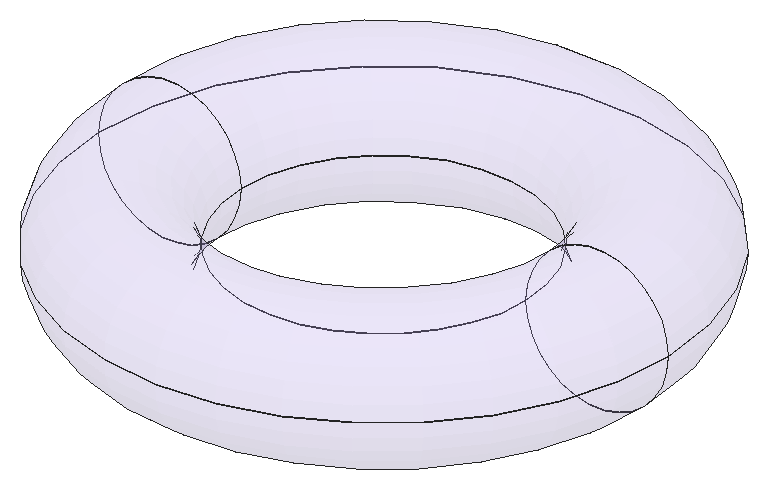
Revit family
Parameters
  Radius [instance] = 1500 mm
  Path Radius [instance] = 4500 mm
  Mass Material [instance] = Default Mass
  Default Elevation = 1219.2 mm
Reference planes
  plane 1 "Center (Front/Back)": y = 12.955
  plane 2: z = 0
  plane 3 "Center (Left/Right)": x = -30.261
  plane 4: y = 4512.955
  plane 5: x = 4469.739
  plane 6: x = -4530.261
  plane 7: y = -4487.045
  plane 8: z = 1500
  plane 9: z = -1500
Forms (mm)
  Sweep 1, solid, material "Default Mass" <- "Mass Material"
    path origin (0, 0, 0) x (1, 0, 0) y (0, 1, 0)
      loop
        circle (-30.261, 12.955) r 4500
    profile origin (-30.261, 4512.955, 0) x (0, -1, 0) y (0, 0, 1)
      loop
        circle (0, 0) r 1500
Dimensions and locks
  locked: plane 2 to level
  locked: plane 4 to profile plane at 0
  "Path Radius": plane 4 to plane 1 "Center (Front/Back)"
  "Path Radius": plane 1 "Center (Front/Back)" to plane 7
  "Path Radius": plane 3 "Center (Left/Right)" to plane 5
  "Path Radius": plane 6 to plane 3 "Center (Left/Right)"
  "Radius": plane 8 to plane 2
  "Radius": plane 2 to plane 9
  "Path Radius": radius of Sweep 1 sketch curve
  "Radius": radius of Sweep 1 sketch curve
Automatic sketch dimensions
  Sweep 1 sketch curve to plane 1 "Center (Front/Back)" = 0 mm
  Sweep 1 sketch curve to plane 3 "Center (Left/Right)" = 0 mm
  Sweep 1 sketch curve to level = 0 mm
  Sweep 1 sketch curve to profile plane = 0 mm
